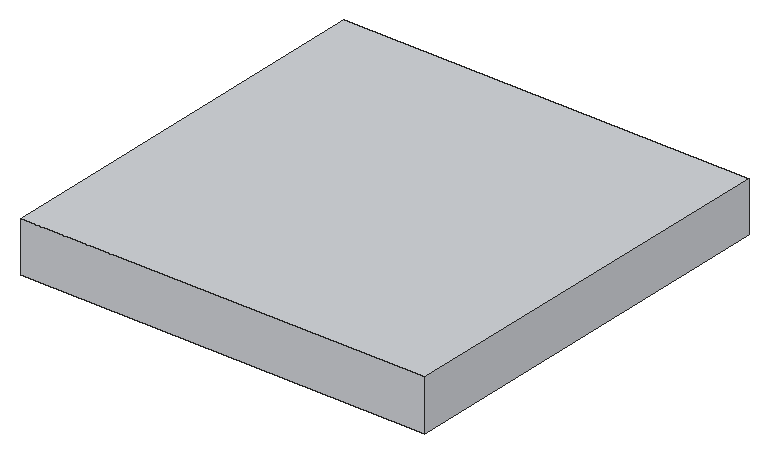
Revit family "ALG_CutOut_re_Void", category Allgemeines Modell, Revit 2016
Family settings
  Basisbauteil = Fläche
  Teiletyp = Normal
  Kann Basisbauteil für Bewehrung sein = Nein
  Bemaßung runder Anschluss = Durchmesser verwenden
  Beim Laden mit Abzugskörper schneiden = Ja
  Gemeinsam genutzt = Nein
  Raumberechnungspunkt = Nein
Parameters
  Default Elevation = 1219.2 mm
  Tiefe [instance] = 350 mm
  Länge [instance] = 500 mm
  Breite [instance] = 300 mm
Reference planes
  plane 1 "Mitte (Vorne/Hinten)": y = 0
  plane 2: z = 0
  plane 3 "Mitte (Links/Rechts)": x = 0
Forms (mm)
  Extrusion 1, solid
    sketch origin (0, 0, 0) x (1, 0, 0) y (0, 1, 0)
      loop
        line (-1219.2, 1219.2) -> (-1219.2, -1219.2) -> (1219.2, -1219.2) -> (1219.2, 1219.2) -> (-1219.2, 1219.2)
    from 0 to -304.8
  Extrusion 2, void
    sketch origin (0, 0, 0) x (1, 0, 0) y (0, 1, 0)
      loop
        line (-250, -150) -> (250, -150) -> (250, 150) -> (-250, 150) -> (-250, -150)
    from -175 to 175
Lines and regions (mm)
  reference lines
    curve 1: line (-250, 190, 0) -> (-250, -190.62, 0)
    curve 2: line (250, 190, 0) -> (250, -190.62, 0)
    curve 3: line (-262.542, -150, 0) -> (299.753, -150, 0)
    curve 4: line (299.753, 150, 0) -> (-262.542, 150, 0)
    curve 5: line (-521.458, 0, -175) -> (698.542, 0, -175)
    curve 6: line (-521.458, 0, 175) -> (418.542, 0, 175)
Dimensions and locks
  equal spacing: curve 1, plane 3 "Mitte (Links/Rechts)", curve 2
  "Länge": curve 1 to curve 2
  equal spacing: curve 3, plane 1 "Mitte (Vorne/Hinten)", curve 4
  "Breite": curve 3 to curve 4
  Extrusion 2 to plane 3 "Mitte (Links/Rechts)" = 250 mm
  equal spacing: curve 6, level, curve 5
  "Tiefe": curve 6 to curve 5
  aligned and locked: plane 2 to Extrusion 1
  aligned and locked: level to Extrusion 1
  aligned and locked: curve 3 to Extrusion 2 sketch curve
  aligned and locked: curve 1 to Extrusion 2 sketch curve
  aligned and locked: curve 4 to Extrusion 2 sketch curve
  aligned and locked: Extrusion 2 sketch curve to curve 2
  aligned and locked: curve 5 to Extrusion 2
  aligned and locked: Extrusion 2 to curve 6
Automatic sketch dimensions
  Extrusion 1 sketch curve to Extrusion 1 sketch curve = 2438.4 mm  (x2)
  curve 3 to curve 1 = 12.542 mm
  curve 4 to curve 1 = 12.542 mm
  curve 2 to curve 4 = 49.753 mm
  curve 2 to curve 3 = 49.753 mm
  curve 2 to curve 3 = 40.62 mm
  curve 1 to curve 3 = 40.62 mm
  curve 4 to curve 2 = 40 mm
  curve 4 to curve 1 = 40 mm
  curve 6 to plane 3 "Mitte (Links/Rechts)" = 521.458 mm
  curve 5 to plane 3 "Mitte (Links/Rechts)" = 521.458 mm
  plane 3 "Mitte (Links/Rechts)" to curve 6 = 418.542 mm
  plane 3 "Mitte (Links/Rechts)" to curve 5 = 698.542 mm
